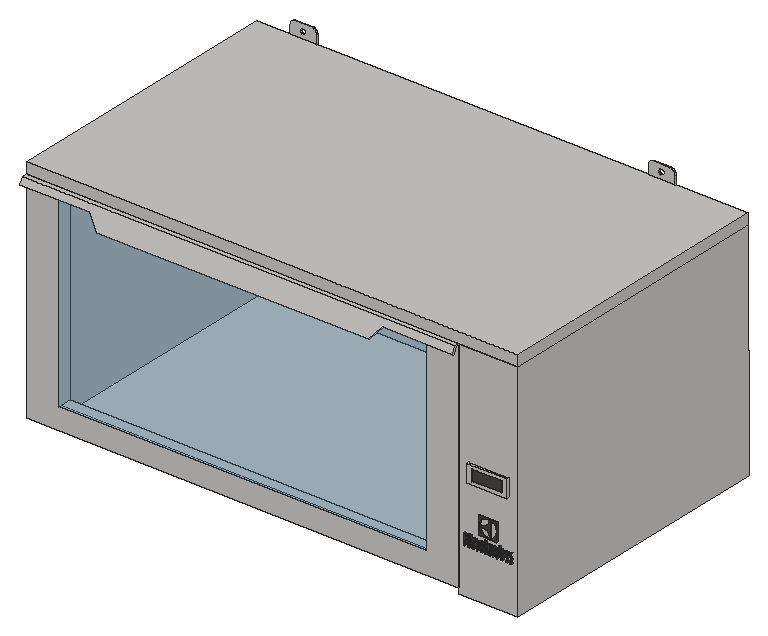
Revit family "QF_ELECTROLUXPROFESSIONAL_240042_SAFEBXDDUK", category Specialty Equipment, Revit 2018
Family settings
  Round Connector Dimension = Use Diameter
  Part Type = Normal
  Work Plane-Based = No
  Always vertical = Yes
  Cut with Voids When Loaded = No
  Shared = No
  Room Calculation Point = No
Parameters (values of type "Standard")
  Weight = 35.00 kg
  Watts = 0 W
  Volts = 220 V
  URL Manufacturer = "http://professional.electrolux.com"
  URL = "http://professional.electrolux.com"
  Steam Supply Size = 0 mm
  Steam Supply Minimum Pressure = 0.0 Pa
  Steam Supply Maximum Pressure = 0.0 Pa
  Steam Pounds per Hour = 0
  Refrigeration Suction Line Size = 0 mm
  Refrigeration Liquid Line Size = 0 mm
  Refrigerant Compressor Remote = yes
  Manufacturer = "Electrolux Professional"
  Phase = 1
  Model = "SAFEBXDDUK"
  Length Actual = 920.0 mm  # constant formula
  Item Number = "240042"
  Hot Water Size = 0 mm
  Height Actual = 450.0 mm  # constant formula
  HP = "0.8 HP"
  Gas Size = 0 mm
  Gas KW = 0
  Gas Input Pressure = 0 W
  Direct Waste Size = 0 mm
  Description = "SAFEBOX HOLD WARMING CONTAINER WITH DROP-DOWN DOOR FOR FOOD PICK UP, TAKE AWAY AND DELIVERY (UK PLUG)"
  Depth Actual = 590.0 mm  # constant formula
  Cycle = 50 Hz
  Condensate Return Size = 0 mm
  Compressed Air Volume = 0.0 L/s
  Compressed Air Size = 0 mm
  Compressed Air Pressure = 0.0 Pa
  Cold Water Size = 0 mm
  Accessory = yes
Types (2, lengths in mm): name | URL | Manufacturer | Phase | Model | Description
  (no name) | 0.0 | 0.0 | 0 | 0.0 | 0.0
  Standard | "http://professional.electrolux.com" | "Electrolux Professional" | 1 | "SAFEBXDDUK" | "SAFEBOX HOLD WARMING CONTAINER WITH DROP-DOWN DOOR FOR FOOD PICK UP, TAKE AWAY AND DELIVERY (UK PLUG)"
Values of the unnamed type that differ from the named types
  Volts = 0 V
  URL Manufacturer = ""
  Item Number = ""
  Cycle = 0 Hz
Reference planes
  plane 1 "Center (Front/Back)": y = 0
  plane 2: z = 0
  plane 3 "Center (Left/Right)": x = 0
  plane 4 "LEFT": x = -460
  plane 5 "RIGHT": x = 460
  plane 6 "BACK": y = 270
  plane 7 "FRONT": y = -270
  plane 8 "Base": z = 11
  plane 9 "TOP": z = 451
  plane 10: x = -430
  plane 11: y = 250
  plane 12: y = -220
  plane 13: x = 360
  plane 14 "MANIGLIA": through (4267.2, -280, 431) normal (0, 0.9272, -0.3746)
  plane 15: y = -655
Forms (mm)
  Extrusion 1, solid, material "QF_Finishes_Stainless Steel"
    sketch origin (0, 0, 11) x (0, 1, 0) y (-1, 0, 0)
      loop
        line (270, 460) -> (-245, 460) -> (-245, 425) -> (250, 425) -> (250, -350) -> (-270, -350) -> (-270, -460) -> (270, -460) -> (270, 460)
    from 0 to 420
  Extrusion 2, solid, material "QF_Finishes_Stainless Steel"
    sketch origin (0, 0, 451) x (0, 1, 0) y (-1, 0, 0)
      loop
        line (270, 460) -> (-270, 460) -> (-270, -460) -> (270, -460) -> (270, 460)
    from 0 to -20
  Extrusion 3, void
    sketch origin (0, -270, 0) x (-1, 0, 0) y (0, 0, 1)
      loop
        line (140.985, 386.837) -> (-115, 386.837) -> (-115, 166) -> (140.985, 166) -> (140.985, 386.837)
    from 520 to 540
  Extrusion 4, solid, material "QF_Finishes_Stainless Steel"
    sketch origin (460, 0, 0) x (0, 1, 0) y (0, 0, 1)
      loop
        line (250, 386.837) -> (250, 166) -> (320, 166) -> (320, 386.837) -> (250, 386.837)
    from -600.985 to -345
  Extrusion 5, solid, material "QF_Finishes_Stainless Steel"
    sketch origin (0, 270, 0) x (-1, 0, 0) y (0, 0, 1)
      loop
        line (260.985, 386.837) -> (-235, 386.837) -> (-235, 76) -> (260.985, 76) -> (260.985, 386.837)
    from 0 to -60
  Extrusion 6, solid, material "QF_Finishes_Stainless Steel"
    sketch origin (0, 0, 451) x (0, 1, 0) y (-1, 0, 0)
      loop
        line (270, 425) -> (-245, 425) -> (-245, -350) -> (270, -350) -> (270, 425)
    from -430 to -440
  Extrusion 7, solid, material "QF_Finishes_Stainless Steel"
    sketch origin (0, -270, 0) x (-1, 0, 0) y (0, 0, 1)
      loop
        line (-368.864, 238.032) -> (-443.864, 238.032) -> (-443.864, 206) -> (-368.864, 206) -> (-368.864, 238.032)
      loop
        line (-378.864, 233.032) -> (-433.864, 233.032) -> (-433.864, 211) -> (-378.864, 211) -> (-378.864, 233.032)
    from 0 to -5
  Extrusion 8, solid, material "QF_Finishes_Black"
    sketch origin (0, -270, 0) x (-1, 0, 0) y (0, 0, 1)
      loop
        line (-378.864, 233.032) -> (-433.864, 233.032) -> (-433.864, 211) -> (-378.864, 211) -> (-378.864, 233.032)
    from 0 to -5
  Extrusion 9, solid, material "QF_Finishes_Stainless Steel"
    sketch origin (0, 270, 0) x (-1, 0, 0) y (0, 0, 1)
      loop
        circle (-420, 40) r 10
    from 0 to 2
  Extrusion 10, solid, material "QF_Finishes_Rubber Black"
    sketch origin (0, 0, 0) x (1, 0, 0) y (0, 1, 0)
      loop
        circle (-430, 250) r 15
      loop
        circle (360, 250) r 15
      loop
        circle (-430, -220) r 15
      loop
        circle (360, -220) r 15
    from 0 to 7
  Extrusion 11, solid, material "QF_Finishes_Stainless Steel"
    sketch origin (0, 0, 0) x (1, 0, 0) y (0, 1, 0)
      loop
        circle (-430, 250) r 12.5
      loop
        circle (360, 250) r 12.5
      loop
        circle (-430, -220) r 12.5
      loop
        circle (360, -220) r 12.5
    from 11 to 7
  Extrusion 12, solid, material "QF_Finishes_Black"
    sketch origin (0, -270, 0) x (-1, 0, 0) y (0, 0, 1)
      loop
        line (-365.303, 106.172) -> (-369.867, 106.172) -> (-369.867, 103.843) -> (-365.283, 103.843) -> (-364.31, 103.912)
        spline (-364.31, 103.912) -> (-363.72, 104.027) -> (-363.188, 104.196) -> (-362.713, 104.417) -> (-362.293, 104.688) -> (-361.928, 105.008) -> (-361.615, 105.374) -> (-361.354, 105.784) -> (-361.143, 106.237) -> (-360.981, 106.73) -> (-360.867, 107.261) -> (-360.8, 107.829) -> (-360.778, 108.432)
        line (-360.778, 108.432) -> (-360.778, 118.232) -> (-369.694, 118.232) -> (-369.694, 115.901) -> (-363.255, 115.901) -> (-363.255, 112.497) -> (-369.309, 112.497) -> (-369.309, 110.16) -> (-363.256, 110.16) -> (-363.256, 108.326)
        spline (-363.256, 108.326) -> (-363.281, 107.913) -> (-363.353, 107.553) -> (-363.465, 107.245) -> (-363.612, 106.983) -> (-363.787, 106.765) -> (-363.984, 106.587) -> (-364.198, 106.446) -> (-364.423, 106.338) -> (-364.651, 106.26) -> (-364.878, 106.209) -> (-365.097, 106.18) -> (-365.303, 106.172)
      loop
        line (-371.627, 111.433) -> (-371.627, 118.236) -> (-374.105, 118.236) -> (-374.105, 103.839) -> (-371.627, 103.839) -> (-371.627, 111.433)
      loop
        line (-386.378, 109.309) -> (-386.336, 108.438) -> (-378.204, 108.438)
        spline (-378.204, 108.438) -> (-378.248, 108.035) -> (-378.338, 107.658) -> (-378.472, 107.309) -> (-378.648, 106.99) -> (-378.864, 106.701) -> (-379.119, 106.446) -> (-379.411, 106.225) -> (-379.737, 106.04) -> (-380.097, 105.893) -> (-380.488, 105.786) -> (-380.909, 105.721) -> (-381.357, 105.699)
        spline (-381.357, 105.699) -> (-381.663, 105.707) -> (-381.951, 105.733) -> (-382.221, 105.776) -> (-382.476, 105.836) -> (-382.717, 105.912) -> (-382.947, 106.005) -> (-383.167, 106.114) -> (-383.378, 106.24) -> (-383.583, 106.382) -> (-383.784, 106.539) -> (-383.982, 106.713) -> (-384.179, 106.902)
        line (-384.179, 106.902) -> (-385.672, 105.45)
        spline (-385.672, 105.45) -> (-385.333, 105.112) -> (-384.988, 104.814) -> (-384.638, 104.554) -> (-384.283, 104.329) -> (-383.923, 104.138) -> (-383.559, 103.979) -> (-383.19, 103.85) -> (-382.816, 103.748) -> (-382.437, 103.673) -> (-382.054, 103.621) -> (-381.666, 103.592) -> (-381.274, 103.583)
        spline (-381.274, 103.583) -> (-380.471, 103.626) -> (-379.714, 103.756) -> (-379.009, 103.967) -> (-378.359, 104.258) -> (-377.77, 104.624) -> (-377.245, 105.062) -> (-376.789, 105.568) -> (-376.406, 106.141) -> (-376.1, 106.775) -> (-375.877, 107.468) -> (-375.739, 108.217) -> (-375.693, 109.018)
        spline (-375.693, 109.018) -> (-375.741, 109.838) -> (-375.882, 110.605) -> (-376.111, 111.315) -> (-376.422, 111.965) -> (-376.81, 112.55) -> (-377.268, 113.068) -> (-377.793, 113.516) -> (-378.378, 113.889) -> (-379.018, 114.186) -> (-379.707, 114.402) -> (-380.44, 114.534) -> (-381.212, 114.579)
        spline (-381.212, 114.579) -> (-381.967, 114.531) -> (-382.675, 114.391) -> (-383.332, 114.167) -> (-383.934, 113.862) -> (-384.479, 113.485) -> (-384.962, 113.041) -> (-385.38, 112.535) -> (-385.73, 111.975) -> (-386.008, 111.366) -> (-386.211, 110.715) -> (-386.336, 110.027) -> (-386.378, 109.309)
      loop
        line (-383.847, 110.18) -> (-378.266, 110.18)
        spline (-378.266, 110.18) -> (-378.316, 110.491) -> (-378.412, 110.789) -> (-378.551, 111.071) -> (-378.73, 111.334) -> (-378.945, 111.577) -> (-379.194, 111.796) -> (-379.473, 111.988) -> (-379.78, 112.152) -> (-380.11, 112.284) -> (-380.461, 112.381) -> (-380.829, 112.442) -> (-381.212, 112.462)
        spline (-381.212, 112.462) -> (-381.569, 112.441) -> (-381.911, 112.38) -> (-382.236, 112.281) -> (-382.54, 112.147) -> (-382.821, 111.982) -> (-383.074, 111.788) -> (-383.297, 111.568) -> (-383.486, 111.325) -> (-383.639, 111.062) -> (-383.752, 110.781) -> (-383.823, 110.487) -> (-383.847, 110.18)
      loop
        spline (-390.126, 109.081) -> (-390.155, 108.619) -> (-390.238, 108.182) -> (-390.372, 107.772) -> (-390.554, 107.392) -> (-390.781, 107.044) -> (-391.05, 106.734) -> (-391.356, 106.462) -> (-391.697, 106.233) -> (-392.069, 106.049) -> (-392.47, 105.914) -> (-392.895, 105.831) -> (-393.342, 105.803)
        spline (-393.342, 105.803) -> (-393.616, 105.811) -> (-393.879, 105.837) -> (-394.131, 105.879) -> (-394.372, 105.937) -> (-394.603, 106.011) -> (-394.826, 106.101) -> (-395.039, 106.206) -> (-395.245, 106.325) -> (-395.443, 106.459) -> (-395.634, 106.607) -> (-395.819, 106.769) -> (-395.998, 106.944)
        line (-395.998, 106.944) -> (-397.533, 105.346)
        spline (-397.533, 105.346) -> (-397.228, 105.04) -> (-396.913, 104.766) -> (-396.589, 104.521) -> (-396.258, 104.306) -> (-395.918, 104.12) -> (-395.57, 103.961) -> (-395.215, 103.829) -> (-394.853, 103.723) -> (-394.484, 103.642) -> (-394.109, 103.585) -> (-393.729, 103.552) -> (-393.342, 103.541)
        spline (-393.342, 103.541) -> (-392.568, 103.589) -> (-391.826, 103.729) -> (-391.124, 103.957) -> (-390.467, 104.267) -> (-389.863, 104.654) -> (-389.317, 105.113) -> (-388.838, 105.638) -> (-388.431, 106.224) -> (-388.102, 106.867) -> (-387.86, 107.561) -> (-387.709, 108.3) -> (-387.658, 109.081)
        spline (-387.658, 109.081) -> (-387.709, 109.861) -> (-387.86, 110.6) -> (-388.102, 111.294) -> (-388.431, 111.937) -> (-388.838, 112.523) -> (-389.317, 113.049) -> (-389.863, 113.507) -> (-390.467, 113.894) -> (-391.124, 114.204) -> (-391.826, 114.432) -> (-392.568, 114.572) -> (-393.342, 114.62)
        spline (-393.342, 114.62) -> (-393.729, 114.609) -> (-394.109, 114.576) -> (-394.484, 114.519) -> (-394.853, 114.438) -> (-395.215, 114.332) -> (-395.57, 114.2) -> (-395.918, 114.041) -> (-396.258, 113.855) -> (-396.589, 113.64) -> (-396.913, 113.395) -> (-397.228, 113.121) -> (-397.533, 112.815)
        line (-397.533, 112.815) -> (-395.998, 111.217)
        spline (-395.998, 111.217) -> (-395.819, 111.392) -> (-395.634, 111.554) -> (-395.443, 111.702) -> (-395.245, 111.836) -> (-395.039, 111.956) -> (-394.826, 112.06) -> (-394.603, 112.15) -> (-394.372, 112.224) -> (-394.131, 112.282) -> (-393.879, 112.324) -> (-393.616, 112.35) -> (-393.342, 112.359)
        spline (-393.342, 112.359) -> (-392.895, 112.33) -> (-392.47, 112.247) -> (-392.069, 112.112) -> (-391.697, 111.928) -> (-391.356, 111.699) -> (-391.05, 111.427) -> (-390.781, 111.117) -> (-390.554, 110.769) -> (-390.372, 110.389) -> (-390.238, 109.979) -> (-390.155, 109.542) -> (-390.126, 109.081)
      loop
        line (-403.852, 106.168) -> (-403.843, 103.839) -> (-402.797, 103.887)
        spline (-402.797, 103.887) -> (-402.209, 103.986) -> (-401.675, 104.138) -> (-401.195, 104.342) -> (-400.766, 104.596) -> (-400.389, 104.897) -> (-400.061, 105.244) -> (-399.782, 105.635) -> (-399.55, 106.068) -> (-399.365, 106.542) -> (-399.225, 107.053) -> (-399.129, 107.602) -> (-399.076, 108.185)
        line (-399.076, 108.185) -> (-399.076, 118.236) -> (-401.555, 118.236) -> (-401.555, 114.25) -> (-403.806, 114.25) -> (-403.806, 111.998) -> (-401.551, 111.998) -> (-401.551, 108.326)
        spline (-401.551, 108.326) -> (-401.603, 107.889) -> (-401.701, 107.513) -> (-401.839, 107.193) -> (-402.01, 106.924) -> (-402.209, 106.704) -> (-402.429, 106.527) -> (-402.664, 106.391) -> (-402.909, 106.29) -> (-403.156, 106.222) -> (-403.399, 106.181) -> (-403.634, 106.165) -> (-403.852, 106.168)
      loop
        line (-412.191, 114.394) -> (-412.191, 111.998) -> (-411.158, 112.101)
        spline (-411.158, 112.101) -> (-410.743, 112.079) -> (-410.355, 112.014) -> (-409.996, 111.907) -> (-409.668, 111.759) -> (-409.372, 111.573) -> (-409.111, 111.35) -> (-408.885, 111.091) -> (-408.697, 110.798) -> (-408.547, 110.472) -> (-408.438, 110.115) -> (-408.372, 109.728) -> (-408.349, 109.313)
        line (-408.349, 109.313) -> (-408.349, 103.839) -> (-405.891, 103.839) -> (-405.891, 114.249) -> (-408.349, 114.249) -> (-408.349, 112.701)
        spline (-408.349, 112.701) -> (-408.54, 112.99) -> (-408.758, 113.255) -> (-409.003, 113.497) -> (-409.272, 113.712) -> (-409.565, 113.902) -> (-409.881, 114.063) -> (-410.218, 114.196) -> (-410.576, 114.3) -> (-410.954, 114.372) -> (-411.349, 114.413) -> (-411.762, 114.421) -> (-412.191, 114.394)
      loop
        spline (-423.931, 109.044) -> (-423.879, 108.281) -> (-423.728, 107.553) -> (-423.485, 106.867) -> (-423.156, 106.229) -> (-422.748, 105.644) -> (-422.268, 105.118) -> (-421.723, 104.657) -> (-421.119, 104.266) -> (-420.463, 103.953) -> (-419.762, 103.721) -> (-419.022, 103.578) -> (-418.251, 103.529)
        spline (-418.251, 103.529) -> (-417.475, 103.578) -> (-416.733, 103.721) -> (-416.03, 103.953) -> (-415.374, 104.266) -> (-414.77, 104.657) -> (-414.225, 105.118) -> (-413.747, 105.644) -> (-413.341, 106.229) -> (-413.013, 106.867) -> (-412.772, 107.553) -> (-412.622, 108.281) -> (-412.57, 109.044)
        spline (-412.57, 109.044) -> (-412.622, 109.808) -> (-412.772, 110.536) -> (-413.013, 111.222) -> (-413.341, 111.86) -> (-413.747, 112.445) -> (-414.225, 112.971) -> (-414.77, 113.432) -> (-415.374, 113.822) -> (-416.03, 114.136) -> (-416.733, 114.367) -> (-417.475, 114.51) -> (-418.251, 114.559)
        spline (-418.251, 114.559) -> (-419.022, 114.51) -> (-419.762, 114.367) -> (-420.463, 114.136) -> (-421.119, 113.822) -> (-421.723, 113.432) -> (-422.268, 112.971) -> (-422.748, 112.445) -> (-423.156, 111.86) -> (-423.485, 111.222) -> (-423.728, 110.536) -> (-423.879, 109.808) -> (-423.931, 109.044)
      loop
        spline (-421.473, 109.044) -> (-421.444, 108.594) -> (-421.36, 108.164) -> (-421.225, 107.759) -> (-421.041, 107.381) -> (-420.813, 107.035) -> (-420.543, 106.723) -> (-420.236, 106.45) -> (-419.894, 106.218) -> (-419.521, 106.032) -> (-419.121, 105.895) -> (-418.696, 105.81) -> (-418.251, 105.78)
        spline (-418.251, 105.78) -> (-417.801, 105.81) -> (-417.374, 105.895) -> (-416.972, 106.032) -> (-416.599, 106.218) -> (-416.257, 106.45) -> (-415.951, 106.723) -> (-415.683, 107.035) -> (-415.456, 107.381) -> (-415.274, 107.759) -> (-415.14, 108.164) -> (-415.058, 108.594) -> (-415.029, 109.044)
        spline (-415.029, 109.044) -> (-415.058, 109.495) -> (-415.14, 109.924) -> (-415.274, 110.33) -> (-415.456, 110.708) -> (-415.683, 111.054) -> (-415.951, 111.366) -> (-416.257, 111.639) -> (-416.599, 111.87) -> (-416.972, 112.056) -> (-417.374, 112.194) -> (-417.801, 112.279) -> (-418.251, 112.308)
        spline (-418.251, 112.308) -> (-418.696, 112.279) -> (-419.121, 112.194) -> (-419.521, 112.056) -> (-419.894, 111.87) -> (-420.236, 111.639) -> (-420.543, 111.366) -> (-420.813, 111.054) -> (-421.041, 110.708) -> (-421.225, 110.33) -> (-421.36, 109.924) -> (-421.444, 109.495) -> (-421.473, 109.044)
      loop
        line (-425.455, 111.681) -> (-425.455, 118.236) -> (-427.935, 118.236) -> (-427.935, 103.839) -> (-425.455, 103.839) -> (-425.455, 111.681)
      loop
        line (-436.874, 114.249) -> (-439.372, 114.249) -> (-439.372, 108.032)
        spline (-439.372, 108.032) -> (-439.327, 107.311) -> (-439.198, 106.654) -> (-438.989, 106.062) -> (-438.708, 105.535) -> (-438.361, 105.071) -> (-437.952, 104.67) -> (-437.49, 104.332) -> (-436.98, 104.057) -> (-436.428, 103.843) -> (-435.84, 103.691) -> (-435.222, 103.601) -> (-434.581, 103.57)
        spline (-434.581, 103.57) -> (-433.945, 103.6) -> (-433.332, 103.69) -> (-432.749, 103.839) -> (-432.202, 104.05) -> (-431.696, 104.322) -> (-431.237, 104.655) -> (-430.833, 105.05) -> (-430.488, 105.507) -> (-430.209, 106.028) -> (-430.003, 106.611) -> (-429.874, 107.259) -> (-429.83, 107.97)
        line (-429.83, 107.97) -> (-429.83, 114.249) -> (-432.33, 114.249) -> (-432.33, 108.176)
        spline (-432.33, 108.176) -> (-432.349, 107.788) -> (-432.407, 107.437) -> (-432.502, 107.124) -> (-432.629, 106.847) -> (-432.789, 106.605) -> (-432.977, 106.398) -> (-433.193, 106.225) -> (-433.434, 106.085) -> (-433.697, 105.978) -> (-433.981, 105.902) -> (-434.283, 105.857) -> (-434.601, 105.843)
        spline (-434.601, 105.843) -> (-434.919, 105.857) -> (-435.222, 105.902) -> (-435.506, 105.978) -> (-435.769, 106.086) -> (-436.01, 106.227) -> (-436.226, 106.401) -> (-436.414, 106.609) -> (-436.574, 106.853) -> (-436.702, 107.133) -> (-436.796, 107.45) -> (-436.854, 107.804) -> (-436.874, 108.198)
        line (-436.874, 108.198) -> (-436.874, 114.249)
      loop
        line (-448.75, 107.168) -> (-451.132, 103.839) -> (-448.467, 103.839) -> (-445.823, 107.516) -> (-443.179, 103.839) -> (-440.515, 103.839) -> (-442.307, 106.335) -> (-444.46, 109.334) -> (-442.406, 112.143) -> (-440.866, 114.249) -> (-443.551, 114.249) -> (-445.823, 111.13) -> (-448.075, 114.249) -> (-450.781, 114.249) -> (-449.123, 111.991) -> (-447.187, 109.354) -> (-448.75, 107.168)
      loop
        arc (-362.172, 101.574) -> (-363.817, 99.929) -> (-362.172, 98.284) r 1.645
        line (-362.172, 98.284) -> (-361.277, 98.284) -> (-361.277, 96.598) -> (-360.254, 96.598) -> (-360.254, 101.574) -> (-362.172, 101.574)
      loop
        arc (-362.13, 100.634) -> (-362.835, 99.929) -> (-362.13, 99.225) r 0.704
        line (-362.13, 99.225) -> (-361.277, 99.225) -> (-361.277, 100.634) -> (-362.13, 100.634)
      loop
        arc (-369.98, 101.574) -> (-371.128, 101.107) -> (-371.622, 99.97) r 1.643
        arc (-371.622, 99.97) -> (-371.405, 99.145) -> (-370.78, 98.564) r 1.536
        line (-370.78, 98.564) -> (-371.975, 96.598) -> (-370.813, 96.598) -> (-369.832, 98.23) -> (-369.051, 98.312) -> (-369.051, 96.598) -> (-368.028, 96.598) -> (-368.028, 101.574) -> (-369.98, 101.574)
      loop
        line (-369.891, 99.245) -> (-369.051, 99.245) -> (-369.051, 100.634) -> (-369.959, 100.634)
        arc (-369.959, 100.634) -> (-370.586, 99.907) -> (-369.891, 99.245) r 0.696
      loop
        circle (-378.328, 99.086) r 2.585
      loop
        circle (-378.328, 99.086) r 1.64
      loop
        line (-385.193, 101.574) -> (-388.269, 101.574) -> (-388.269, 100.634) -> (-386.217, 100.634) -> (-386.217, 99.584) -> (-388.089, 99.584) -> (-388.089, 98.644) -> (-386.217, 98.644) -> (-386.217, 96.598) -> (-385.193, 96.598) -> (-385.193, 101.574)
      loop
        line (-392.491, 101.574) -> (-395.642, 101.574) -> (-395.642, 100.634) -> (-393.514, 100.634) -> (-393.514, 99.769) -> (-395.504, 99.769) -> (-395.504, 98.987) -> (-393.514, 98.987) -> (-393.514, 98.16)
        arc (-393.514, 98.16) -> (-393.741, 97.612) -> (-394.289, 97.385) r 0.775
        line (-394.289, 97.385) -> (-395.691, 97.385) -> (-395.691, 96.598) -> (-394.083, 96.598)
        arc (-394.083, 96.598) -> (-392.95, 97.072) -> (-392.491, 98.212) r 1.593
        line (-392.491, 98.212) -> (-392.491, 101.574)
      loop
        arc (-402.384, 100.269) -> (-401.963, 100.602) -> (-401.439, 100.718) r 1.197
        arc (-401.439, 100.718) -> (-400.968, 100.342) -> (-401.294, 99.834) r 0.45
        arc (-401.294, 99.834) -> (-401.859, 99.623) -> (-402.409, 99.377) r 9.883
        arc (-402.409, 99.377) -> (-402.845, 99.093) -> (-403.185, 98.7) r 1.876
        arc (-403.185, 98.7) -> (-403.343, 97.847) -> (-403.037, 97.035) r 1.618
        arc (-403.037, 97.035) -> (-402.346, 96.668) -> (-401.579, 96.515) r 2.696
        arc (-401.579, 96.515) -> (-400.959, 96.578) -> (-400.385, 96.823) r 2.063
        arc (-400.385, 96.823) -> (-399.932, 97.214) -> (-399.622, 97.725) r 1.914
        line (-399.622, 97.725) -> (-400.404, 98.216)
        arc (-400.404, 98.216) -> (-400.668, 97.808) -> (-401.089, 97.567) r 1.033
        arc (-401.089, 97.567) -> (-401.662, 97.452) -> (-402.203, 97.672) r 1.016
        arc (-402.203, 97.672) -> (-402.359, 98.025) -> (-402.162, 98.356) r 0.42
        arc (-402.162, 98.356) -> (-401.656, 98.632) -> (-401.122, 98.849) r 5.041
        arc (-401.122, 98.849) -> (-400.544, 99.153) -> (-400.1, 99.632) r 1.928
        arc (-400.1, 99.632) -> (-399.987, 100.071) -> (-399.976, 100.524) r 1.985
        arc (-399.976, 100.524) -> (-400.091, 100.911) -> (-400.349, 101.222) r 1.013
        arc (-400.349, 101.222) -> (-400.896, 101.533) -> (-401.512, 101.657) r 1.974
        arc (-401.512, 101.657) -> (-402.438, 101.438) -> (-403.12, 100.774) r 1.782
        line (-403.12, 100.774) -> (-402.384, 100.269)
      loop
        arc (-409.903, 100.269) -> (-409.482, 100.602) -> (-408.958, 100.718) r 1.197
        arc (-408.958, 100.718) -> (-408.486, 100.342) -> (-408.812, 99.834) r 0.45
        arc (-408.812, 99.834) -> (-409.377, 99.623) -> (-409.928, 99.377) r 9.883
        arc (-409.928, 99.377) -> (-410.363, 99.093) -> (-410.703, 98.7) r 1.876
        arc (-410.703, 98.7) -> (-410.861, 97.847) -> (-410.556, 97.035) r 1.618
        arc (-410.556, 97.035) -> (-409.865, 96.668) -> (-409.097, 96.515) r 2.696
        arc (-409.097, 96.515) -> (-408.477, 96.578) -> (-407.903, 96.823) r 2.063
        arc (-407.903, 96.823) -> (-407.451, 97.214) -> (-407.141, 97.725) r 1.914
        line (-407.141, 97.725) -> (-407.922, 98.216)
        arc (-407.922, 98.216) -> (-408.186, 97.808) -> (-408.607, 97.567) r 1.033
        arc (-408.607, 97.567) -> (-409.18, 97.452) -> (-409.721, 97.672) r 1.016
        arc (-409.721, 97.672) -> (-409.877, 98.025) -> (-409.68, 98.356) r 0.42
        arc (-409.68, 98.356) -> (-409.174, 98.632) -> (-408.64, 98.849) r 5.041
        arc (-408.64, 98.849) -> (-408.062, 99.153) -> (-407.619, 99.632) r 1.928
        arc (-407.619, 99.632) -> (-407.505, 100.071) -> (-407.494, 100.524) r 1.985
        arc (-407.494, 100.524) -> (-407.61, 100.911) -> (-407.868, 101.222) r 1.013
        arc (-407.868, 101.222) -> (-408.414, 101.533) -> (-409.03, 101.657) r 1.974
        arc (-409.03, 101.657) -> (-409.956, 101.438) -> (-410.638, 100.774) r 1.782
        line (-410.638, 100.774) -> (-409.903, 100.269)
      loop
        line (-415.094, 101.574) -> (-416.118, 101.574) -> (-416.118, 96.598) -> (-415.094, 96.598) -> (-415.094, 101.574)
      loop
        circle (-423.017, 99.086) r 1.548
      loop
        circle (-423.017, 99.086) r 2.585
      loop
        line (-429.882, 96.598) -> (-429.882, 101.574) -> (-430.878, 101.574) -> (-433.154, 98.351) -> (-433.154, 101.574) -> (-434.188, 101.574) -> (-434.188, 96.598) -> (-433.193, 96.598) -> (-430.916, 99.727) -> (-430.916, 96.598) -> (-429.882, 96.598)
      loop
        line (-439.347, 96.598) -> (-438.249, 96.598) -> (-440.753, 101.574) -> (-443.258, 96.598) -> (-442.158, 96.598) -> (-441.673, 97.671) -> (-439.832, 97.671) -> (-439.347, 96.598)
      loop
        line (-440.753, 99.714) -> (-441.214, 98.692) -> (-440.291, 98.692) -> (-440.753, 99.714)
      loop
        line (-448.34, 97.539) -> (-450.254, 97.539) -> (-450.254, 96.598) -> (-447.317, 96.598) -> (-447.317, 101.574) -> (-448.34, 101.574) -> (-448.34, 97.539)
      loop
        line (-388.337, 123.178) -> (-388.337, 157.751) -> (-422.957, 157.751) -> (-422.957, 123.178) -> (-388.337, 123.178)
      loop
        arc (-410.269, 156.054) -> (-421.768, 140.5) -> (-410.269, 124.946) r 16.269
        line (-410.269, 124.946) -> (-410.269, 156.054)
      loop
        arc (-408.687, 153.801) -> (-403.858, 145.134) -> (-394.664, 141.402) r 14.944
        line (-394.664, 141.402) -> (-389.517, 141.402)
        arc (-389.517, 141.402) -> (-395.75, 153.113) -> (-408.687, 156.054) r 15.943
        line (-408.687, 156.054) -> (-408.687, 153.801)
      loop
        line (-389.517, 139.598) -> (-394.664, 139.598)
        arc (-394.664, 139.598) -> (-403.858, 135.866) -> (-408.687, 127.199) r 14.944
        line (-408.687, 127.199) -> (-408.687, 124.547)
        arc (-408.687, 124.547) -> (-395.74, 127.79) -> (-389.517, 139.598) r 16.36
    from 0 to -1.6
  Extrusion 13, solid, material "QF_Finishes_Stainless Steel"
    sketch origin (0, 270, 0) x (-1, 0, 0) y (0, 0, 1)
      loop
        line (398.117, 431) -> (398.117, 466)
        arc (398.117, 466) -> (395.188, 473.071) -> (388.117, 476) r 10
        line (388.117, 476) -> (358.117, 476)
        arc (358.117, 476) -> (351.046, 473.071) -> (348.117, 466) r 10
        line (348.117, 466) -> (348.117, 431) -> (398.117, 431)
      loop
        circle (373.117, 463.03) r 5
      loop
        line (-323.117, 431) -> (-273.117, 431) -> (-273.117, 466)
        arc (-273.117, 466) -> (-276.046, 473.071) -> (-283.117, 476) r 10
        line (-283.117, 476) -> (-313.117, 476)
        arc (-313.117, 476) -> (-320.188, 473.071) -> (-323.117, 466) r 10
        line (-323.117, 466) -> (-323.117, 431)
      loop
        circle (-298.117, 463.03) r 5
    from 1.641 to 0
  Extrusion 14, solid, material "QF_Finishes_Stainless Steel"
    sketch origin (0, -270, 0) x (-1, 0, 0) y (0, 0, 1)
      loop
        line (460, 431) -> (-350, 431) -> (-350, 21) -> (460, 21) -> (460, 431)
      loop
        line (400, 61) -> (400, 411) -> (-290, 411) -> (-290, 61) -> (400, 61)
    from 25 to 0
  Extrusion 15, solid, material "Glass"
    sketch origin (0, -270, 0) x (-1, 0, 0) y (0, 0, 1)
      loop
        line (400, 411) -> (-290, 411) -> (-290, 61) -> (400, 61) -> (400, 411)
    from 5 to 0
  Extrusion 16, solid, material "QF_Finishes_Stainless Steel"
    sketch origin (0, 0, 0) x (0, 1, 0) y (0, 0, 1)
      loop
        line (-270, 431) -> (-280, 431) -> (-294.122, 396.047) -> (-291.382, 394.94) -> (-278.042, 427.958) -> (-270, 427.958) -> (-270, 431)
    from 350 to -460
  Extrusion 17, void
    sketch origin (0, -390.406, 157.734) x (0, 0.374607, 0.927184) y (1, 0, 0)
      loop
        line (257.028, -460) -> (281.726, -460) -> (281.726, -329.655) -> (257.028, -310) -> (257.028, -460)
      loop
        line (257.028, 350) -> (257.028, 200) -> (281.726, 219.655) -> (281.726, 350) -> (257.028, 350)
    from 2.955 to 0
  Extrusion 18, solid, material "QF_Door-Drawer Clearances", detail levels coarse
    sketch origin (0, 0, 0) x (0, 1, 0) y (0, 0, 1)
      loop
        line (-270, 60.122) -> (-655, 60.122) -> (-655, 25.122) -> (-620.047, 11) -> (-618.94, 13.74) -> (-651.958, 27.08) -> (-651.958, 35.122) -> (-270, 35.122) -> (-270, 60.122)
    from 350 to -460
  Extrusion 19, solid, material "QF_Door-Drawer Clearances", detail levels coarse
    sketch origin (0, 0, 0) x (0, 1, 0) y (0, 0, 1)
      loop
        arc (-270, 431) -> (-534.358, 320.156) -> (-655, 60.122) r 396.675
        line (-655, 60.122) -> (-270, 60.122) -> (-270, 431)
    from -460 to 350
Cuts and joins
  Extrusion 3 cuts Extrusion 1
  Extrusion 17 cuts Extrusion 16
Lines and regions (mm)
  symbolic lines
    curve 1: line (-460, 270, 0) -> (460, 270, 0)
    curve 2: line (-460, -270, 0) -> (-460, 270, 0)
    curve 3: line (460, -270, 0) -> (-460, -270, 0)
    curve 4: line (460, 270, 0) -> (460, -270, 0)
    curve 5: line (115, 320, 0) -> (-140.985, 320, 0)
    curve 6: line (-140.985, 320, 0) -> (-140.985, 270, 0)
    curve 7: line (115, 270, 0) -> (115, 320, 0)
    curve 8: line (368.864, -275, 0) -> (368.864, -270, 0)
    curve 9: line (368.864, -275, 0) -> (443.864, -275, 0)
    curve 10: line (443.864, -275, 0) -> (443.864, -270, 0)
    curve 11: line (-398.117, 270, 0) -> (-398.117, 271.641, 0)
    curve 12: line (-398.117, 271.641, 0) -> (-348.117, 271.641, 0)
    curve 13: line (-348.117, 271.641, 0) -> (-348.117, 270, 0)
    curve 14: line (273.117, 270, 0) -> (273.117, 271.641, 0)
    curve 15: line (273.117, 271.641, 0) -> (323.117, 271.641, 0)
    curve 16: line (323.117, 271.641, 0) -> (323.117, 270, 0)
    curve 17: line (410, 272, 0) -> (430, 272, 0)
    curve 18: line (430, 272, 0) -> (430, 270, 0)
    curve 19: line (410, 272, 0) -> (410, 270, 0)
    curve 20: line (350, -280, 0) -> (-460, -280, 0)
    curve 21: line (-460, -284.87, 0) -> (-329.655, -284.87, 0)
    curve 22: line (-329.655, -284.87, 0) -> (-310, -294.122, 0)
    curve 23: line (-310, -294.122, 0) -> (200, -294.122, 0)
    curve 24: line (-460, -270, 0) -> (-460, -284.87, 0)
    curve 25: line (350, -284.87, 0) -> (350, -270, 0)
    curve 26: line (219.655, -284.87, 0) -> (350, -284.87, 0)
    curve 27: line (200, -294.122, 0) -> (219.655, -284.87, 0)
  symbolic lines, style "SpecialityEquipmentHiddenLines"
    curve 28: line (-460, -284.87, 0) -> (-460, -655, 0)
    curve 29: line (-460, -655, 0) -> (350, -655, 0)
    curve 30: line (350, -655, 0) -> (350, -284.87, 0)
Dimensions and locks
  plane 4 "LEFT" to plane 5 "RIGHT" = 920.0 mm
  equal spacing: plane 4 "LEFT", plane 3 "Center (Left/Right)", plane 5 "RIGHT"
  equal spacing: plane 6 "BACK", plane 1 "Center (Front/Back)", plane 7 "FRONT"
  plane 6 "BACK" to plane 7 "FRONT" = 540.0 mm  (x2)
  plane 8 "Base" to level = 11.0 mm
  plane 9 "TOP" to level = 451.0 mm
  plane 9 "TOP" to cut or joined group of Extrusion 1, Extrusion 3 = 64.163 mm
  level to cut or joined group of Extrusion 1, Extrusion 3 = 166.0 mm
  plane 4 "LEFT" to plane 10 = 30.0 mm
  plane 13 to plane 5 "RIGHT" = 100.0 mm
  plane 6 "BACK" to plane 11 = 20.0 mm
  plane 12 to plane 7 "FRONT" = 50.0 mm
  Extrusion 4 to Extrusion 2 = 590.0 mm
  Extrusion 4 to plane 15 = 975.0 mm
  aligned and locked: level to plane 2
Automatic sketch dimensions
  Extrusion 2 sketch curve to plane 4 "LEFT" = 0.0 mm
  Extrusion 2 sketch curve to plane 7 "FRONT" = 0.0 mm
  Extrusion 2 sketch curve to plane 6 "BACK" = 0.0 mm
  Extrusion 2 sketch curve to plane 5 "RIGHT" = 0.0 mm
  plane 3 "Center (Left/Right)" to Extrusion 3 sketch curve = 115.0 mm
  Extrusion 3 sketch curve to plane 3 "Center (Left/Right)" = 140.985 mm
  plane 8 "Base" to Extrusion 3 sketch curve = 155.0 mm
  Extrusion 3 sketch curve to plane 9 "TOP" = 64.163 mm
  Extrusion 4 sketch curve to plane 11 = 0.0 mm
  plane 6 "BACK" to Extrusion 4 sketch curve = 50.0 mm
  plane 8 "Base" to Extrusion 4 sketch curve = 155.0 mm
  Extrusion 4 sketch curve to plane 9 "TOP" = 64.163 mm
  Extrusion 5 sketch curve to plane 13 = 125.0 mm
  Extrusion 5 sketch curve to plane 9 "TOP" = 64.163 mm
  plane 10 to Extrusion 5 sketch curve = 169.015 mm
  plane 8 "Base" to Extrusion 5 sketch curve = 65.0 mm
  plane 7 "FRONT" to Extrusion 6 sketch curve = 25.0 mm
  Extrusion 6 sketch curve to plane 6 "BACK" = 0.0 mm
  Extrusion 6 sketch curve to plane 13 = 10.0 mm
  plane 10 to Extrusion 6 sketch curve = 5.0 mm
  Extrusion 7 sketch curve to plane 5 "RIGHT" = 16.136 mm
  Extrusion 7 sketch curve to Extrusion 7 sketch curve = 10.0 mm
  plane 13 to Extrusion 7 sketch curve = 18.864 mm
  plane 13 to Extrusion 7 sketch curve = 8.864 mm
  plane 8 "Base" to Extrusion 7 sketch curve = 195.0 mm
  Extrusion 7 sketch curve to Extrusion 7 sketch curve = 5.0 mm  (x2)
  Extrusion 7 sketch curve to Extrusion 7 sketch curve = 22.032 mm
  Extrusion 8 sketch curve to plane 5 "RIGHT" = 26.136 mm
  plane 13 to Extrusion 8 sketch curve = 18.864 mm
  plane 8 "Base" to Extrusion 8 sketch curve = 200.0 mm
  Extrusion 8 sketch curve to Extrusion 8 sketch curve = 22.032 mm
  Extrusion 9 sketch curve to plane 5 "RIGHT" = 40.0 mm
  plane 8 "Base" to Extrusion 9 sketch curve = 29.0 mm
  Extrusion 10 sketch curve to plane 10 = 0.0 mm  (x2)
  Extrusion 10 sketch curve to plane 12 = 0.0 mm  (x2)
  Extrusion 10 sketch curve to plane 13 = 0.0 mm  (x2)
  Extrusion 10 sketch curve to plane 11 = 0.0 mm  (x2)
  Extrusion 11 sketch curve to plane 10 = 0.0 mm  (x2)
  Extrusion 11 sketch curve to plane 12 = 0.0 mm  (x2)
  Extrusion 11 sketch curve to plane 13 = 0.0 mm  (x2)
  Extrusion 11 sketch curve to plane 11 = 0.0 mm  (x2)
  Extrusion 12 sketch curve to Extrusion 12 sketch curve = 0.0 mm  (x37)
  Extrusion 12 sketch curve to plane 5 "RIGHT" = 8.868 mm
  Extrusion 12 sketch curve to plane 5 "RIGHT" = 9.219 mm
  Extrusion 12 sketch curve to Extrusion 12 sketch curve = 0.877 mm
  Extrusion 12 sketch curve to Extrusion 12 sketch curve = 1.658 mm
  Extrusion 12 sketch curve to Extrusion 12 sketch curve = 2.381 mm
  Extrusion 12 sketch curve to Extrusion 12 sketch curve = 2.664 mm
  Extrusion 12 sketch curve to Extrusion 12 sketch curve = 1.914 mm
  Extrusion 12 sketch curve to Extrusion 12 sketch curve = 1.048 mm
  Extrusion 12 sketch curve to Extrusion 12 sketch curve = 1.023 mm  (x5)
  Extrusion 12 sketch curve to Extrusion 12 sketch curve = 1.563 mm
  Extrusion 12 sketch curve to Extrusion 12 sketch curve = 1.364 mm  (x2)
  Extrusion 12 sketch curve to Extrusion 12 sketch curve = 1.363 mm
  Extrusion 12 sketch curve to Extrusion 12 sketch curve = 2.272 mm  (x3)
  Extrusion 12 sketch curve to Extrusion 12 sketch curve = 4.059 mm
  Extrusion 12 sketch curve to Extrusion 12 sketch curve = 2.643 mm
  Extrusion 12 sketch curve to Extrusion 12 sketch curve = 1.145 mm
  Extrusion 12 sketch curve to Extrusion 12 sketch curve = 0.872 mm
  Extrusion 12 sketch curve to Extrusion 12 sketch curve = 1.1 mm
  Extrusion 12 sketch curve to Extrusion 12 sketch curve = 0.485 mm  (x2)
  Extrusion 12 sketch curve to Extrusion 12 sketch curve = 0.459 mm  (x4)
  Extrusion 12 sketch curve to Extrusion 12 sketch curve = 1.54 mm
  Extrusion 12 sketch curve to Extrusion 12 sketch curve = 0.461 mm
  Extrusion 12 sketch curve to Extrusion 12 sketch curve = 0.238 mm
  Extrusion 12 sketch curve to Extrusion 12 sketch curve = 0.922 mm
  Extrusion 12 sketch curve to Extrusion 12 sketch curve = 2.935 mm
  Extrusion 12 sketch curve to Extrusion 12 sketch curve = 1.099 mm
  Extrusion 12 sketch curve to Extrusion 12 sketch curve = 2.498 mm  (x2)
  Extrusion 12 sketch curve to Extrusion 12 sketch curve = 2.273 mm
  Extrusion 12 sketch curve to Extrusion 12 sketch curve = 0.02 mm
  Extrusion 12 sketch curve to Extrusion 12 sketch curve = 4.061 mm
  Extrusion 12 sketch curve to Extrusion 12 sketch curve = 0.995 mm  (x2)
  Extrusion 12 sketch curve to Extrusion 12 sketch curve = 0.039 mm  (x2)
  Extrusion 12 sketch curve to Extrusion 12 sketch curve = 2.277 mm
  Extrusion 12 sketch curve to Extrusion 12 sketch curve = 2.499 mm
  Extrusion 12 sketch curve to Extrusion 12 sketch curve = 1.948 mm
  Extrusion 12 sketch curve to Extrusion 12 sketch curve = 4.375 mm
  Extrusion 12 sketch curve to Extrusion 12 sketch curve = 1.524 mm
  Extrusion 12 sketch curve to Extrusion 12 sketch curve = 2.438 mm
  Extrusion 12 sketch curve to Extrusion 12 sketch curve = 2.458 mm  (x2)
  Extrusion 12 sketch curve to Extrusion 12 sketch curve = 3.221 mm  (x2)
  Extrusion 12 sketch curve to Extrusion 12 sketch curve = 2.133 mm
  Extrusion 12 sketch curve to Extrusion 12 sketch curve = 3.222 mm
  Extrusion 12 sketch curve to Extrusion 12 sketch curve = 2.459 mm
  Extrusion 12 sketch curve to Extrusion 12 sketch curve = 0.379 mm
  Extrusion 12 sketch curve to Extrusion 12 sketch curve = 1.033 mm
  Extrusion 12 sketch curve to Extrusion 12 sketch curve = 4.456 mm
  Extrusion 12 sketch curve to Extrusion 12 sketch curve = 12.687 mm
  Extrusion 12 sketch curve to Extrusion 12 sketch curve = 0.735 mm  (x2)
  Extrusion 12 sketch curve to Extrusion 12 sketch curve = 0.432 mm  (x2)
  Extrusion 12 sketch curve to Extrusion 12 sketch curve = 0.445 mm  (x2)
  Extrusion 12 sketch curve to Extrusion 12 sketch curve = 0.209 mm  (x2)
  Extrusion 12 sketch curve to Extrusion 12 sketch curve = 0.236 mm  (x2)
  Extrusion 12 sketch curve to Extrusion 12 sketch curve = 0.12 mm  (x2)
  Extrusion 12 sketch curve to Extrusion 12 sketch curve = 0.365 mm  (x2)
  Extrusion 12 sketch curve to Extrusion 12 sketch curve = 0.007 mm  (x2)
  Extrusion 12 sketch curve to Extrusion 12 sketch curve = 0.164 mm  (x4)
  Extrusion 12 sketch curve to Extrusion 12 sketch curve = 0.093 mm  (x2)
  Extrusion 12 sketch curve to Extrusion 12 sketch curve = 0.137 mm  (x2)
  Extrusion 12 sketch curve to Extrusion 12 sketch curve = 0.009 mm  (x5)
  Extrusion 12 sketch curve to Extrusion 12 sketch curve = 0.168 mm  (x2)
  Extrusion 12 sketch curve to Extrusion 12 sketch curve = 0.079 mm  (x2)
  Extrusion 12 sketch curve to Extrusion 12 sketch curve = 0.094 mm  (x2)
  Extrusion 12 sketch curve to Extrusion 12 sketch curve = 1.582 mm  (x2)
  Extrusion 12 sketch curve to Extrusion 12 sketch curve = 0.427 mm  (x2)
  Extrusion 12 sketch curve to Extrusion 12 sketch curve = 2.809 mm  (x2)
  Extrusion 12 sketch curve to Extrusion 12 sketch curve = 0.886 mm
  Extrusion 12 sketch curve to Extrusion 12 sketch curve = 0.99 mm  (x2)
  Extrusion 12 sketch curve to Extrusion 12 sketch curve = 0.782 mm  (x3)
  Extrusion 12 sketch curve to Extrusion 12 sketch curve = 0.126 mm  (x2)
  Extrusion 12 sketch curve to Extrusion 12 sketch curve = 2.844 mm
  Extrusion 12 sketch curve to Extrusion 12 sketch curve = 1.389 mm  (x2)
  Extrusion 12 sketch curve to Extrusion 12 sketch curve = 0.343 mm
  Extrusion 12 sketch curve to Extrusion 12 sketch curve = 0.068 mm
  Extrusion 12 sketch curve to Extrusion 12 sketch curve = 2.039 mm
  Extrusion 12 sketch curve to Extrusion 12 sketch curve = 2.048 mm
  Extrusion 12 sketch curve to Extrusion 12 sketch curve = 2.085 mm
  Extrusion 12 sketch curve to Extrusion 12 sketch curve = 0.724 mm
  Extrusion 12 sketch curve to Extrusion 12 sketch curve = 1.046 mm
  Extrusion 12 sketch curve to Extrusion 12 sketch curve = 2.251 mm  (x3)
  Extrusion 12 sketch curve to Extrusion 12 sketch curve = 0.003 mm
  Extrusion 12 sketch curve to Extrusion 12 sketch curve = 2.479 mm
  Extrusion 12 sketch curve to Extrusion 12 sketch curve = 1.543 mm
  Extrusion 12 sketch curve to Extrusion 12 sketch curve = 4.018 mm
  Extrusion 12 sketch curve to Extrusion 12 sketch curve = 1.535 mm  (x2)
  Extrusion 12 sketch curve to Extrusion 12 sketch curve = 3.932 mm
  Extrusion 12 sketch curve to Extrusion 12 sketch curve = 0.048 mm
  Extrusion 12 sketch curve to Extrusion 12 sketch curve = 0.138 mm
  Extrusion 12 sketch curve to Extrusion 12 sketch curve = 10.768 mm
  Extrusion 12 sketch curve to Extrusion 12 sketch curve = 1.215 mm
  Extrusion 12 sketch curve to Extrusion 12 sketch curve = 0.206 mm  (x2)
  Extrusion 12 sketch curve to Extrusion 12 sketch curve = 5.117 mm
  Extrusion 12 sketch curve to Extrusion 12 sketch curve = 14.728 mm
  Extrusion 12 sketch curve to Extrusion 12 sketch curve = 0.569 mm
  Extrusion 12 sketch curve to Extrusion 12 sketch curve = 2.656 mm
  Extrusion 12 sketch curve to Extrusion 12 sketch curve = 0.172 mm
  Extrusion 12 sketch curve to Extrusion 12 sketch curve = 3.216 mm
  Extrusion 12 sketch curve to Extrusion 12 sketch curve = 5.147 mm
  Extrusion 12 sketch curve to Extrusion 12 sketch curve = 5.622 mm
  Extrusion 12 sketch curve to Extrusion 12 sketch curve = 4.222 mm
  Extrusion 12 sketch curve to Extrusion 12 sketch curve = 0.18 mm
  Extrusion 12 sketch curve to Extrusion 12 sketch curve = 2.469 mm
  Extrusion 12 sketch curve to Extrusion 12 sketch curve = 1.28 mm
  Extrusion 12 sketch curve to Extrusion 12 sketch curve = 0.041 mm  (x2)
  Extrusion 12 sketch curve to Extrusion 12 sketch curve = 1.873 mm
  Extrusion 12 sketch curve to Extrusion 12 sketch curve = 0.664 mm
  Extrusion 12 sketch curve to Extrusion 12 sketch curve = 1.494 mm
  Extrusion 12 sketch curve to Extrusion 12 sketch curve = 2.531 mm
  Extrusion 12 sketch curve to Extrusion 12 sketch curve = 2.822 mm
  Extrusion 12 sketch curve to Extrusion 12 sketch curve = 0.083 mm
  Extrusion 12 sketch curve to Extrusion 12 sketch curve = 2.635 mm
  Extrusion 12 sketch curve to Extrusion 12 sketch curve = 2.946 mm  (x2)
  Extrusion 12 sketch curve to Extrusion 12 sketch curve = 0.062 mm
  Extrusion 12 sketch curve to Extrusion 12 sketch curve = 2.511 mm
  Extrusion 12 sketch curve to Extrusion 12 sketch curve = 7.106 mm
  Extrusion 12 sketch curve to Extrusion 12 sketch curve = 6.354 mm
  Extrusion 12 sketch curve to Extrusion 12 sketch curve = 2.478 mm
  Extrusion 12 sketch curve to Extrusion 12 sketch curve = 1.161 mm
  Extrusion 12 sketch curve to Extrusion 12 sketch curve = 0.033 mm
  Extrusion 12 sketch curve to Extrusion 12 sketch curve = 0.694 mm
  Extrusion 12 sketch curve to Extrusion 12 sketch curve = 0.106 mm  (x2)
  Extrusion 12 sketch curve to Extrusion 12 sketch curve = 0.021 mm  (x2)
  Extrusion 12 sketch curve to Extrusion 12 sketch curve = 0.09 mm
  Extrusion 12 sketch curve to Extrusion 12 sketch curve = 1.76 mm
  Extrusion 12 sketch curve to Extrusion 12 sketch curve = 0.948 mm
  Extrusion 12 sketch curve to Extrusion 12 sketch curve = 1.933 mm
  Extrusion 12 sketch curve to Extrusion 12 sketch curve = 2.318 mm
  Extrusion 12 sketch curve to Extrusion 12 sketch curve = 1.762 mm
  Extrusion 12 sketch curve to Extrusion 12 sketch curve = 0.908 mm
  Extrusion 12 sketch curve to Extrusion 12 sketch curve = 4.563 mm
  Extrusion 12 sketch curve to Extrusion 12 sketch curve = 0.973 mm
  plane 13 to Extrusion 12 sketch curve = 3.256 mm
  plane 13 to Extrusion 12 sketch curve = 3.255 mm
  plane 13 to Extrusion 12 sketch curve = 2.172 mm
  plane 13 to Extrusion 12 sketch curve = 1.277 mm
  Extrusion 12 sketch curve to Extrusion 12 sketch curve = 0.853 mm
  plane 13 to Extrusion 12 sketch curve = 0.778 mm
  plane 13 to Extrusion 12 sketch curve = 0.254 mm
  plane 8 "Base" to Extrusion 12 sketch curve = 79.479 mm
  Extrusion 12 sketch curve to Extrusion 12 sketch curve = 3.598 mm  (x2)
  Extrusion 12 sketch curve to Extrusion 12 sketch curve = 2.521 mm  (x3)
  Extrusion 12 sketch curve to Extrusion 12 sketch curve = 6.119 mm  (x2)
  Extrusion 12 sketch curve to Extrusion 12 sketch curve = 0.787 mm
  Extrusion 12 sketch curve to Extrusion 12 sketch curve = 0.941 mm  (x3)
  Extrusion 12 sketch curve to Extrusion 12 sketch curve = 1.073 mm
  Extrusion 12 sketch curve to Extrusion 12 sketch curve = 3.602 mm  (x2)
  Extrusion 12 sketch curve to Extrusion 12 sketch curve = 0.046 mm  (x2)
  Extrusion 12 sketch curve to Extrusion 12 sketch curve = 0.311 mm  (x2)
  Extrusion 12 sketch curve to Extrusion 12 sketch curve = 0.031 mm
  Extrusion 12 sketch curve to Extrusion 12 sketch curve = 0.491 mm  (x2)
  Extrusion 12 sketch curve to Extrusion 12 sketch curve = 1.632 mm
  Extrusion 12 sketch curve to Extrusion 12 sketch curve = 1.686 mm
  Extrusion 12 sketch curve to Extrusion 12 sketch curve = 0.082 mm
  Extrusion 12 sketch curve to Extrusion 12 sketch curve = 1.753 mm
  Extrusion 12 sketch curve to Extrusion 12 sketch curve = 0.014 mm  (x2)
  Extrusion 12 sketch curve to Extrusion 12 sketch curve = 0.109 mm  (x2)
  Extrusion 12 sketch curve to Extrusion 12 sketch curve = 0.334 mm
  Extrusion 12 sketch curve to Extrusion 12 sketch curve = 0.018 mm  (x2)
  Extrusion 12 sketch curve to Extrusion 12 sketch curve = 2.046 mm
  Extrusion 12 sketch curve to Extrusion 12 sketch curve = 1.021 mm  (x2)
  Extrusion 12 sketch curve to Extrusion 12 sketch curve = 0.827 mm
  Extrusion 12 sketch curve to Extrusion 12 sketch curve = 2.488 mm  (x2)
  Extrusion 12 sketch curve to Extrusion 12 sketch curve = 0.631 mm  (x2)
  Extrusion 12 sketch curve to Extrusion 12 sketch curve = 0.934 mm
  Extrusion 12 sketch curve to Extrusion 12 sketch curve = 0.313 mm  (x2)
  Extrusion 12 sketch curve to Extrusion 12 sketch curve = 0.94 mm  (x3)
  Extrusion 12 sketch curve to Extrusion 12 sketch curve = 0.163 mm  (x2)
  Extrusion 12 sketch curve to Extrusion 12 sketch curve = 1.376 mm
  Extrusion 12 sketch curve to Extrusion 12 sketch curve = 0.192 mm  (x2)
  Extrusion 12 sketch curve to Extrusion 12 sketch curve = 0.704 mm
  Extrusion 12 sketch curve to Extrusion 12 sketch curve = 0.686 mm
  Extrusion 12 sketch curve to Extrusion 12 sketch curve = 0.002 mm
  Extrusion 12 sketch curve to Extrusion 12 sketch curve = 0.393 mm  (x4)
  Extrusion 12 sketch curve to Extrusion 12 sketch curve = 0.077 mm  (x2)
  Extrusion 12 sketch curve to Extrusion 12 sketch curve = 0.865 mm
  Extrusion 12 sketch curve to Extrusion 12 sketch curve = 1.05 mm
  Extrusion 12 sketch curve to Extrusion 12 sketch curve = 0.337 mm  (x2)
  Extrusion 12 sketch curve to Extrusion 12 sketch curve = 0.505 mm  (x2)
  Extrusion 12 sketch curve to Extrusion 12 sketch curve = 1.86 mm
  Extrusion 12 sketch curve to Extrusion 12 sketch curve = 4.036 mm
  Extrusion 12 sketch curve to Extrusion 12 sketch curve = 3.224 mm
  Extrusion 12 sketch curve to Extrusion 12 sketch curve = 1.847 mm
  Extrusion 12 sketch curve to Extrusion 12 sketch curve = 0.801 mm
  Extrusion 12 sketch curve to Extrusion 12 sketch curve = 1.955 mm
  Extrusion 12 sketch curve to Extrusion 12 sketch curve = 1.967 mm
  Extrusion 12 sketch curve to Extrusion 12 sketch curve = 1.996 mm
  Extrusion 12 sketch curve to Extrusion 12 sketch curve = 2.008 mm
  Extrusion 12 sketch curve to Extrusion 12 sketch curve = 3.065 mm
  Extrusion 12 sketch curve to Extrusion 12 sketch curve = 2.265 mm  (x4)
  Extrusion 12 sketch curve to Extrusion 12 sketch curve = 0.004 mm  (x2)
  Extrusion 12 sketch curve to Extrusion 12 sketch curve = 0.047 mm
  Extrusion 12 sketch curve to Extrusion 12 sketch curve = 0.07 mm
  Extrusion 12 sketch curve to Extrusion 12 sketch curve = 3.772 mm
  Extrusion 12 sketch curve to Extrusion 12 sketch curve = 3.876 mm
  Extrusion 12 sketch curve to Extrusion 12 sketch curve = 2.116 mm  (x2)
  Extrusion 12 sketch curve to Extrusion 12 sketch curve = 2.262 mm  (x2)
  Extrusion 12 sketch curve to Extrusion 12 sketch curve = 2.329 mm  (x2)
  Extrusion 12 sketch curve to Extrusion 12 sketch curve = 2.496 mm
  Extrusion 12 sketch curve to Extrusion 12 sketch curve = 1.452 mm
  Extrusion 12 sketch curve to Extrusion 12 sketch curve = 1.598 mm  (x2)
  Extrusion 12 sketch curve to Extrusion 12 sketch curve = 3.329 mm
  Extrusion 12 sketch curve to Extrusion 12 sketch curve = 0.348 mm
  Extrusion 12 sketch curve to Extrusion 12 sketch curve = 4.131 mm
  Extrusion 12 sketch curve to Extrusion 12 sketch curve = 1.697 mm
  Extrusion 12 sketch curve to Extrusion 12 sketch curve = 2.839 mm
  Extrusion 12 sketch curve to Extrusion 12 sketch curve = 0.166 mm
  Extrusion 12 sketch curve to Extrusion 12 sketch curve = 0.141 mm
  Extrusion 12 sketch curve to Extrusion 12 sketch curve = 2.155 mm
  Extrusion 12 sketch curve to Extrusion 12 sketch curve = 2.739 mm
  Extrusion 12 sketch curve to Extrusion 12 sketch curve = 0.58 mm
  Extrusion 12 sketch curve to Extrusion 12 sketch curve = 3.264 mm  (x3)
  Extrusion 12 sketch curve to Extrusion 12 sketch curve = 0.643 mm
  Extrusion 12 sketch curve to Extrusion 12 sketch curve = 0.871 mm
  Extrusion 12 sketch curve to Extrusion 12 sketch curve = 0.269 mm
  Extrusion 12 sketch curve to Extrusion 12 sketch curve = 1.817 mm
  Extrusion 12 sketch curve to Extrusion 12 sketch curve = 1.838 mm
  Extrusion 12 sketch curve to Extrusion 12 sketch curve = 3.988 mm
  Extrusion 12 sketch curve to Extrusion 12 sketch curve = 1.743 mm
  Extrusion 12 sketch curve to Extrusion 12 sketch curve = 1.776 mm
  Extrusion 12 sketch curve to Extrusion 12 sketch curve = 4.274 mm
  Extrusion 12 sketch curve to Extrusion 12 sketch curve = 1.273 mm
  Extrusion 12 sketch curve to Extrusion 12 sketch curve = 2.637 mm  (x2)
  Extrusion 12 sketch curve to Extrusion 12 sketch curve = 2.954 mm
  Extrusion 12 sketch curve to Extrusion 12 sketch curve = 3.672 mm
  Extrusion 12 sketch curve to Extrusion 12 sketch curve = 0.103 mm
  Extrusion 12 sketch curve to Extrusion 12 sketch curve = 1.141 mm
  Extrusion 12 sketch curve to Extrusion 12 sketch curve = 2.282 mm
  Extrusion 12 sketch curve to Extrusion 12 sketch curve = 2.338 mm
  Extrusion 12 sketch curve to Extrusion 12 sketch curve = 0.6 mm
  Extrusion 12 sketch curve to Extrusion 12 sketch curve = 2.258 mm
  Extrusion 12 sketch curve to Extrusion 12 sketch curve = 2.106 mm
  Extrusion 12 sketch curve to Extrusion 12 sketch curve = 1.548 mm
  Extrusion 12 sketch curve to Extrusion 12 sketch curve = 6.073 mm
  Extrusion 12 sketch curve to Extrusion 12 sketch curve = 0.001 mm
  Extrusion 12 sketch curve to Extrusion 12 sketch curve = 2.396 mm
  Extrusion 12 sketch curve to Extrusion 12 sketch curve = 3.403 mm
  Extrusion 12 sketch curve to Extrusion 12 sketch curve = 2.331 mm
  Extrusion 12 sketch curve to Extrusion 12 sketch curve = 3.986 mm
  Extrusion 12 sketch curve to Extrusion 12 sketch curve = 3.987 mm
  Extrusion 12 sketch curve to Extrusion 12 sketch curve = 4.942 mm
  Extrusion 12 sketch curve to Extrusion 12 sketch curve = 6.311 mm
  Extrusion 12 sketch curve to Extrusion 12 sketch curve = 1.493 mm
  Extrusion 12 sketch curve to Extrusion 12 sketch curve = 0.4 mm
  Extrusion 12 sketch curve to Extrusion 12 sketch curve = 2.652 mm
  Extrusion 12 sketch curve to Extrusion 12 sketch curve = 0.211 mm
  Extrusion 12 sketch curve to Extrusion 12 sketch curve = 0.054 mm
  Extrusion 12 sketch curve to Extrusion 12 sketch curve = 1.804 mm
  Extrusion 12 sketch curve to Extrusion 12 sketch curve = 2.253 mm
  Extrusion 12 sketch curve to Extrusion 12 sketch curve = 1.698 mm
  Extrusion 12 sketch curve to Extrusion 12 sketch curve = 1.246 mm  (x2)
  Extrusion 12 sketch curve to Extrusion 12 sketch curve = 1.098 mm  (x2)
  Extrusion 12 sketch curve to Extrusion 12 sketch curve = 0.822 mm  (x2)
  Extrusion 12 sketch curve to Extrusion 12 sketch curve = 0.263 mm  (x2)
  Extrusion 12 sketch curve to Extrusion 12 sketch curve = 0.49 mm  (x2)
  Extrusion 12 sketch curve to Extrusion 12 sketch curve = 0.278 mm  (x2)
  Extrusion 12 sketch curve to Extrusion 12 sketch curve = 0.257 mm  (x2)
  Extrusion 12 sketch curve to Extrusion 12 sketch curve = 0.125 mm  (x2)
  plane 9 "TOP" to Extrusion 13 sketch curve = 15.0 mm  (x2)
  Extrusion 13 sketch curve to plane 13 = 36.883 mm
  Extrusion 13 sketch curve to Extrusion 13 sketch curve = 10.0 mm  (x3)
  Extrusion 13 sketch curve to Extrusion 13 sketch curve = 15.0 mm  (x4)
  Extrusion 13 sketch curve to plane 9 "TOP" = 20.0 mm  (x2)
  plane 10 to Extrusion 13 sketch curve = 81.883 mm
  plane 10 to Extrusion 13 sketch curve = 31.883 mm
  plane 9 "TOP" to Extrusion 13 sketch curve = 12.03 mm  (x2)
  Extrusion 1 sketch curve to plane 4 "LEFT" = 0.0 mm
  plane 7 "FRONT" to Extrusion 1 sketch curve = 25.0 mm
  Extrusion 1 sketch curve to plane 5 "RIGHT" = 0.0 mm
  plane 7 "FRONT" to Extrusion 1 sketch curve = 0.0 mm
  Extrusion 1 sketch curve to plane 11 = 0.0 mm
  Extrusion 1 sketch curve to plane 6 "BACK" = 0.0 mm
  Extrusion 1 sketch curve to plane 13 = 10.0 mm
  plane 10 to Extrusion 1 sketch curve = 5.0 mm
  Extrusion 14 sketch curve to plane 13 = 10.0 mm
  plane 8 "Base" to Extrusion 14 sketch curve = 10.0 mm
  Extrusion 14 sketch curve to plane 9 "TOP" = 20.0 mm
  plane 4 "LEFT" to Extrusion 14 sketch curve = 60.0 mm
  Extrusion 14 sketch curve to Extrusion 14 sketch curve = 60.0 mm
  Extrusion 14 sketch curve to Extrusion 14 sketch curve = 40.0 mm
  Extrusion 14 sketch curve to Extrusion 14 sketch curve = 20.0 mm
  Extrusion 14 sketch curve to plane 4 "LEFT" = 0.0 mm
  Extrusion 15 sketch curve to plane 13 = 70.0 mm
  plane 10 to Extrusion 15 sketch curve = 30.0 mm
  plane 8 "Base" to Extrusion 15 sketch curve = 50.0 mm
  Extrusion 15 sketch curve to plane 9 "TOP" = 40.0 mm
  Extrusion 16 sketch curve to plane 7 "FRONT" = 0.0 mm
  Extrusion 16 sketch curve to plane 7 "FRONT" = 10.0 mm
  Extrusion 16 sketch curve to plane 7 "FRONT" = 21.382 mm
  Extrusion 16 sketch curve to Extrusion 16 sketch curve = 2.74 mm
  Extrusion 16 sketch curve to plane 9 "TOP" = 56.06 mm
  Extrusion 16 sketch curve to Extrusion 16 sketch curve = 1.107 mm
  Extrusion 16 sketch curve to Extrusion 16 sketch curve = 1.958 mm
  Extrusion 17 sketch curve to Extrusion 17 sketch curve = 0.0 mm
  plane 10 to Extrusion 17 sketch curve = 100.345 mm
  Extrusion 17 sketch curve to plane 4 "LEFT" = 0.0 mm
  Extrusion 17 sketch curve to Extrusion 17 sketch curve = 24.698 mm  (x2)
  Extrusion 17 sketch curve to plane 13 = 140.345 mm
  Extrusion 17 sketch curve to Extrusion 17 sketch curve = 19.655 mm  (x2)
  Extrusion 17 sketch curve to plane 13 = 10.0 mm
  Extrusion 18 sketch curve to plane 15 = 0.0 mm
  plane 15 to Extrusion 18 sketch curve = 3.042 mm
  plane 15 to Extrusion 18 sketch curve = 34.953 mm
  level to Extrusion 18 sketch curve = 13.74 mm
  Extrusion 18 sketch curve to Extrusion 18 sketch curve = 1.107 mm
  plane 8 "Base" to Extrusion 18 sketch curve = 49.122 mm
  plane 7 "FRONT" to Extrusion 18 sketch curve = 0.0 mm
  Extrusion 18 sketch curve to Extrusion 18 sketch curve = 2.74 mm
  level to Extrusion 18 sketch curve = 35.122 mm
  Extrusion 19 sketch curve to plane 15 = 0.0 mm
  plane 7 "FRONT" to Extrusion 19 sketch curve = 10.845 mm
  plane 8 "Base" to Extrusion 19 sketch curve = 23.474 mm
  Extrusion 19 sketch curve to Extrusion 19 sketch curve = 25.648 mm
  plane 7 "FRONT" to Extrusion 19 sketch curve = 0.0 mm
  curve 1 to plane 4 "LEFT" = 0.0 mm
  curve 11 to plane 6 "BACK" = 0.0 mm
  curve 30 to plane 15 = 0.0 mm
  curve 25 to plane 7 "FRONT" = 0.0 mm
  curve 4 to plane 5 "RIGHT" = 0.0 mm
  plane 6 "BACK" to curve 12 = 1.641 mm
  plane 10 to curve 12 = 31.883 mm
  curve 11 to curve 13 = 50.0 mm
  curve 22 to plane 7 "FRONT" = 14.87 mm
  plane 10 to curve 22 = 100.345 mm
  curve 22 to plane 7 "FRONT" = 24.122 mm
  curve 21 to curve 22 = 19.655 mm
  plane 6 "BACK" to curve 5 = 50.0 mm
  curve 5 to plane 3 "Center (Left/Right)" = 140.985 mm
  plane 3 "Center (Left/Right)" to curve 7 = 115.0 mm
  curve 27 to plane 13 = 160.0 mm
  curve 23 to curve 26 = 19.655 mm
  plane 6 "BACK" to curve 14 = 1.641 mm
  curve 14 to plane 13 = 86.883 mm
  curve 16 to plane 13 = 36.883 mm
  plane 13 to curve 9 = 8.864 mm
  plane 6 "BACK" to curve 17 = 2.0 mm
  curve 17 to plane 5 "RIGHT" = 50.0 mm
  curve 17 to curve 18 = 20.0 mm
  curve 10 to plane 7 "FRONT" = 5.0 mm
  curve 10 to plane 5 "RIGHT" = 16.136 mm
  curve 26 to plane 7 "FRONT" = 14.87 mm
  curve 30 to plane 13 = 10.0 mm
  curve 21 to curve 20 = 4.87 mm
  radius of Extrusion 9 sketch curve = 10.0 mm
  radius of Extrusion 10 sketch curve = 15.0 mm  (x4)
  radius of Extrusion 11 sketch curve = 12.5 mm  (x4)
  radius of Extrusion 12 sketch curve = 2.585 mm  (x2)
  radius of Extrusion 12 sketch curve = 1.64 mm
  radius of Extrusion 12 sketch curve = 1.548 mm
  radius of Extrusion 13 sketch curve = 5.0 mm  (x2)
Connectors
  electrical at (420, 272, 40), driven by "Volts"
    settings: on Extrusion 9, index 1, voltage 220 V, apparent load 0 VA, apparent load phase1 0 VA, apparent load phase2 0 VA, apparent load phase3 0 VA, power factor 1, load classification "Other", number of poles 1, system type 30, power factor state 1, is connector primary yes, connector utility no, sub classification motor no, connector description "Electrical Connection"
